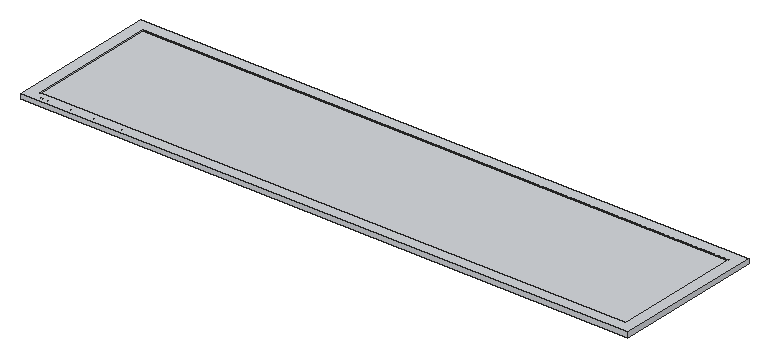
Revit family "0042225", category Lighting Fixtures, host Face, Revit 2017
Family settings
  Host = Face
  Round Connector Dimension = Use Diameter
  Part Type = Normal
  OmniClass Number = 23.80.70.00
  OmniClass Title = Lighting
  Cut with Voids When Loaded = No
  Light Source = Yes
  Shared = No
  Room Calculation Point = No
Parameters (values of type "0042225 ST PANEL UGR19 1200X300 DALI 3600LM 830")
  Weight = "kg"
  Wattage Comments = ""
  Wattage = 36 W
  WarrantyStartDate [instance] = "n/a"
  WarrantyGuarantorParts = "n/a"
  WarrantyDurationUnit = "n/a"
  WarrantyDurationParts = "n/a"
  WarrantyDescription = "n/a"
  WIDTH_SYL = 147.5 mm
  built-in parameter 1150110 = 1 (stored number, unit not read)
  Voltage = 0 V
  URL = "http://www.sylvania-lighting.com"
  TypeName = "START Panel UGR19 1200x300 DALI 3600Lm 830"
  Type Image = <None>
  Type Comments = "n/a"
  built-in parameter 1114217 = 1 (stored number, unit not read)
  Tilt Angle = -90.00°
  built-in parameter 1150109 = 1 (stored number, unit not read)
  built-in parameter 1150134 = (empty or 0)
  TOP__WIDTH_SYL = 545 mm
  TOP_WIDTH_SYL = 265 mm
  TOP_DEPTH_SYL = 95 mm
  built-in parameter 1150113 = 1 (stored number, unit not read)
  SerialNumber [instance] = "n/a"
  Photometric Web File = "0042225.ies"
  Material_3_SYL = none
  PowerFactor = 0.9
  PowerConsumption = "36 W"
  NominalLength = 1195 mm
  NominalHeight = 35 mm
  NominalDepth = 295 mm
  Name = "START Panel UGR19 1200x300 DALI 3600Lm 830"
  ModelReference = Name  # "START Panel UGR19 1200x300 DALI 3600Lm 830"
  ModelNumber = "0042225"
  Model = Name  # "START Panel UGR19 1200x300 DALI 3600Lm 830"
  Material = "aluminium,steel housing, other diffuser"
  ManufacturerName = "Feilo Sylvania"
  Manufacturer = "Feilo Sylvania"
  MAINHEIGHT_SYL = 63 mm
  LuminousEfficacy = "100 lm/W"
  built-in parameter 1150105 = 286.48 (stored number, unit not read)
  Lumens = 3600 lm
  LuminaireType = ""
  built-in parameter 1150115 = 1 (stored number, unit not read)
  LightOutputRatio = "n/a"
  built-in parameter 1150137 = (empty or 0)
  built-in parameter 1150139 = (empty or 0)
  LampsType = Lamp  # "LED"
  LampNominalLuminous = "3600 lm"
  LampMacAdamStep = "3"
  LampColourTemperature = "3000 K"
  LampColourRenderingIndex = "80"
  built-in parameter 1150112 = 1 (stored number, unit not read)
  built-in parameter 1150114 = 1 (stored number, unit not read)
  Lamp = "LED"
  LUMWIDTH_SYL = 576.5 mm
  LUMDEPTH_SYL = 126.5 mm
  Keynote = "16500"
  InstallationDate [instance] = "n/a"
  InputVoltage = "n/a"
  InputNominalFrequency = "n/a"
  built-in parameter 1150132 = (empty or 0)
  built-in parameter 1150102 = (empty or 0)
  built-in parameter 1150107 = 3000 (stored number, unit not read)
  built-in parameter 1150138 = (empty or 0)
  IngressProtection = "IP40/20"
  ImpactProtectionIndex = "IK03"
  built-in parameter 1150106 = 2.8648 (stored number, unit not read)
  IfcExportType = "IfcLightFixtureType"
  IfcExportAs = "IfcLightFixtureType"
  HEIGHT_SYL = 33 mm
  HEIGHTBOTT_SYL = 7 mm
  Emit from Circle Diameter = 609.6 mm
  Emit Shape Visible in Rendering = no
  ElectricShockClassification = "Class II"
  built-in parameter 1150104 = 9.2903 (stored number, unit not read)
  DocumentationLiterature = "http://www.sylvania-lighting.com/product/en-int/products/0042225"
  DimmingControlOptions = "n/a"
  Material_2_SYL = none
  Dimming Lamp Color Temperature Shift = <None>
  Description = ""
  Default Elevation = 1219.2 mm
  DEPTH_SYL = 597.5 mm
  CreatedOn = "9/8/2020"
  CreatedBy = "@sylvania-lighting.com"
  Cost = 0
  Color Filter = 16777215
  built-in parameter 1114216 [instance] = (empty or 0)
  ClassificationValue = "EF_70_80"
  ClassificationName = "Uniclass2015"
  Material_1_SYL = none
  BarCode [instance] = "n/a"
  built-in parameter 1114218 = 1 (stored number, unit not read)
  BOX_WIDTH_SYL = 40 mm
  built-in parameter 1150133 = 10 (stored number, unit not read)
  AssetType = "Fixed"
  AssetIdentifier [instance] = "n/a"
  Assembly Code = "D5020200"
  Apparent Load = 36 VA
  Material_4_SYL = none
  -LUMDEPTH_SYL = LUMDEPTH_SYL * (-1)  # -126.5 mm
  -BOX_WIDTH_SYL = BOX_WIDTH_SYL * (-1)  # -40 mm
Types (9, lengths in mm): name | Wattage | TypeName | built-in parameter 1150134 | Photometric Web File | PowerConsumption | NominalHeight | Name | ModelReference | ModelNumber | Model | LuminousEfficacy | built-in parameter 1150105 | Lumens | LampNominalLuminous | LampMacAdamStep | LampColourTemperature | built-in parameter 1150107 | built-in parameter 1150106 | built-in parameter 1150104 | DocumentationLiterature | Apparent Load
  0042254 ST PANEL 1200X300HE DALI 4100LM 865 | 34 W | "START Panel 1200x300HE DALI 4100Lm 865" | 1 | "0042254.ies" | "34 W" | 34 | "START Panel 1200x300HE DALI 4100Lm 865" | "START Panel 1200x300HE DALI 4100Lm 865" | "0042254" | "START Panel 1200x300HE DALI 4100Lm 865" | "121 lm/W" | 327.38 (stored number, unit not read) | 4114 lm | "4100 lm" | "6" | "6500 K" | 6500 (stored number, unit not read) | 3.2738 (stored number, unit not read) | 11.241 (stored number, unit not read) | "http://www.sylvania-lighting.com/product/en-int/products/0042254" | 34 VA
  0042253 ST PANEL 1200X300HE DALI 4100LM 840 | 34 W | "START Panel 1200x300HE DALI 4100Lm 840" | 12 | "0042253.ies" | "34 W" | 34 | "START Panel 1200x300HE DALI 4100Lm 840" | "START Panel 1200x300HE DALI 4100Lm 840" | "0042253" | "START Panel 1200x300HE DALI 4100Lm 840" | "121 lm/W" | 327.38 (stored number, unit not read) | 4114 lm | "4100 lm" | "3" | "4000 K" | 4000 (stored number, unit not read) | 3.2738 (stored number, unit not read) | 11.241 (stored number, unit not read) | "http://www.sylvania-lighting.com/product/en-int/products/0042253" | 34 VA
  0042252 ST PANEL 1200X300HE DALI 3900LM 830 | 34 W | "START Panel 1200x300HE DALI 3900Lm 830" | (empty or 0) | "0042252.ies" | "34 W" | 34 | "START Panel 1200x300HE DALI 3900Lm 830" | "START Panel 1200x300HE DALI 3900Lm 830" | "0042252" | "START Panel 1200x300HE DALI 3900Lm 830" | "115 lm/W" | 311.15 (stored number, unit not read) | 3910 lm | "3900 lm" | "3" | "3000 K" | 3000 (stored number, unit not read) | 3.1115 (stored number, unit not read) | 10.684 (stored number, unit not read) | "http://www.sylvania-lighting.com/product/en-int/products/0042252" | 34 VA
  0042227 ST PANEL UGR19 1200X300 DALI 3800LM 865 | 36 W | "START Panel UGR19 1200x300 DALI 3800Lm 865" | 1 | "0042227.ies" | "36 W" | 35 | "START Panel UGR19 1200x300 DALI 3800Lm 865" | "START Panel UGR19 1200x300 DALI 3800Lm 865" | "0042227" | "START Panel UGR19 1200x300 DALI 3800Lm 865" | "106 lm/W" | 303.67 (stored number, unit not read) | 3816 lm | "3800 lm" | "6" | "6500 K" | 6500 (stored number, unit not read) | 3.0367 (stored number, unit not read) | 9.8477 (stored number, unit not read) | "http://www.sylvania-lighting.com/product/en-int/products/0042227" | 36 VA
  0042226 ST PANEL UGR19 1200X300 DALI 3800LM 840 | 36 W | "START Panel UGR19 1200x300 DALI 3800Lm 840" | 12 | "0042226.ies" | "36 W" | 35 | "START Panel UGR19 1200x300 DALI 3800Lm 840" | "START Panel UGR19 1200x300 DALI 3800Lm 840" | "0042226" | "START Panel UGR19 1200x300 DALI 3800Lm 840" | "106 lm/W" | 303.67 (stored number, unit not read) | 3816 lm | "3800 lm" | "3" | "4000 K" | 4000 (stored number, unit not read) | 3.0367 (stored number, unit not read) | 9.8477 (stored number, unit not read) | "http://www.sylvania-lighting.com/product/en-int/products/0042226" | 36 VA
  0042225 ST PANEL UGR19 1200X300 DALI 3600LM 830 | 36 W | "START Panel UGR19 1200x300 DALI 3600Lm 830" | (empty or 0) | "0042225.ies" | "36 W" | 35 | "START Panel UGR19 1200x300 DALI 3600Lm 830" | "START Panel UGR19 1200x300 DALI 3600Lm 830" | "0042225" | "START Panel UGR19 1200x300 DALI 3600Lm 830" | "100 lm/W" | 286.48 (stored number, unit not read) | 3600 lm | "3600 lm" | "3" | "3000 K" | 3000 (stored number, unit not read) | 2.8648 (stored number, unit not read) | 9.2903 (stored number, unit not read) | "http://www.sylvania-lighting.com/product/en-int/products/0042225" | 36 VA
  0042224 ST PANEL UGR19 1200X300 DALI 3400LM 865 | 36 W | "START Panel UGR19 1200x300 DALI 3400Lm 865" | 1 | "0042224.ies" | "36 W" | 35 | "START Panel UGR19 1200x300 DALI 3400Lm 865" | "START Panel UGR19 1200x300 DALI 3400Lm 865" | "0042224" | "START Panel UGR19 1200x300 DALI 3400Lm 865" | "94 lm/W" | 269.29 (stored number, unit not read) | 3384 lm | "3400 lm" | "6" | "6500 K" | 6500 (stored number, unit not read) | 2.6929 (stored number, unit not read) | 8.7329 (stored number, unit not read) | "http://www.sylvania-lighting.com/product/en-int/products/0042224" | 36 VA
  0042223 ST PANEL UGR19 1200X300 DALI 3400LM 840 | 36 W | "START Panel UGR19 1200x300 DALI 3400Lm 840" | 12 | "0042223.ies" | "36 W" | 35 | "START Panel UGR19 1200x300 DALI 3400Lm 840" | "START Panel UGR19 1200x300 DALI 3400Lm 840" | "0042223" | "START Panel UGR19 1200x300 DALI 3400Lm 840" | "94 lm/W" | 269.29 (stored number, unit not read) | 3384 lm | "3400 lm" | "3" | "4000 K" | 4000 (stored number, unit not read) | 2.6929 (stored number, unit not read) | 8.7329 (stored number, unit not read) | "http://www.sylvania-lighting.com/product/en-int/products/0042223" | 36 VA
  0042222 ST PANEL UGR19 1200X300 DALI 3200LM 830 | 36 W | "START Panel UGR19 1200x300 DALI 3200Lm 830" | (empty or 0) | "0042222.ies" | "36 W" | 35 | "START Panel UGR19 1200x300 DALI 3200Lm 830" | "START Panel UGR19 1200x300 DALI 3200Lm 830" | "0042222" | "START Panel UGR19 1200x300 DALI 3200Lm 830" | "89 lm/W" | 254.97 (stored number, unit not read) | 3204 lm | "3200 lm" | "3" | "3000 K" | 3000 (stored number, unit not read) | 2.5497 (stored number, unit not read) | 8.2684 (stored number, unit not read) | "http://www.sylvania-lighting.com/product/en-int/products/0042222" | 36 VA
Reference planes
  plane 1 "Center (Front/Back)": y = 0
  plane 2: z = 0
  plane 3 "Center (Left/Right)": x = 0
  plane 4: z = -33
  plane 5: z = -7
  plane 6: z = -63
  plane 7: x = 597.5
  plane 8: x = -597.5
  plane 9: y = 147.5
  plane 10: y = -147.5
  plane 11: x = 576.5
  plane 12: x = -576.5
  plane 13: y = -126.5
  plane 14: y = 126.5
  plane 15: y = -265
  plane 16: y = 265
  plane 17: x = -40
  plane 18: x = 40
  plane 19: x = 0
  plane 20: x = -545
  plane 21: x = 545
  plane 22: y = -95
  plane 23: y = 95
Forms (mm)
  Extrusion 1, solid
    sketch origin (0, 0, 0) x (1, 0, 0) y (0, 1, 0)
      loop
        line (-597.5, 147.5) -> (-597.5, -147.5) -> (597.5, -147.5) -> (597.5, 147.5) -> (-597.5, 147.5)
    from -7 to 2
  Extrusion 2, void
    sketch origin (0, 0, 0) x (1, 0, 0) y (0, 1, 0)
      loop
        line (-576.5, 126.5) -> (-576.5, -126.5) -> (576.5, -126.5) -> (576.5, 126.5) -> (-576.5, 126.5)
    from 0 to 2
  Extrusion 3, solid
    sketch origin (0, 0, 0) x (1, 0, 0) y (0, 0, 1)
      loop
        line (-40, -33) -> (-40, -63) -> (40, -63) -> (40, -33) -> (-40, -33)
    from -40 <- "-BOX_WIDTH_SYL" to 40 <- "BOX_WIDTH_SYL"
  Extrusion 4, solid
    sketch origin (0, 0, 0) x (1, 0, 0) y (0, 0, 1)
      loop
        line (-576.5, -7) -> (-545, -33) -> (545, -33) -> (576.5, -7) -> (-576.5, -7)
    from -126.5 <- "-LUMDEPTH_SYL" to 126.5 <- "LUMDEPTH_SYL"
  Extrusion 5, void
    sketch origin (319, 1524, 1219.2) x (0, 1, 0) y (0, 0, 1)
      loop
        line (-1397.5, -1226.2) -> (-1429, -1252.2) -> (-1397.5, -1252.2) -> (-1397.5, -1226.2)
      loop
        line (-1650.5, -1226.2) -> (-1650.5, -1252.2) -> (-1619, -1252.2) -> (-1650.5, -1226.2)
    from -1000 to 1000
Cuts and joins
  Extrusion 2 cuts Extrusion 1
  Extrusion 5 cuts Extrusion 4
  joined: Extrusion 1, Extrusion 3, Extrusion 4
Dimensions and locks
  "HEIGHT_SYL": host face to plane 4
  "HEIGHTBOTT_SYL": host face to plane 5
  "MAINHEIGHT_SYL": host face to plane 6
  "DEPTH_SYL": plane 8 to plane 3 "Center (Left/Right)" to plane 7
  "WIDTH_SYL": plane 10 to plane 1 "Center (Front/Back)" to plane 9
  "LUMWIDTH_SYL": plane 12 to plane 3 "Center (Left/Right)" to plane 11
  "LUMDEPTH_SYL": plane 13 to plane 1 "Center (Front/Back)" to plane 14
  "TOP_WIDTH_SYL": plane 16 to imposter light to plane 15
  "BOX_WIDTH_SYL": plane 17 to imposter light to plane 18
  "TOP__WIDTH_SYL": plane 20 to imposter light to plane 21
  "TOP_DEPTH_SYL": plane 23 to imposter light to plane 22
  aligned and locked: plane 2 to host face
  aligned and locked: level to host face
  aligned and locked: Extrusion 1 sketch curve to plane 9
  aligned and locked: plane 8 to Extrusion 1 sketch curve
  aligned and locked: Extrusion 1 sketch curve to plane 10
  aligned and locked: Extrusion 1 sketch curve to plane 7
  aligned and locked: plane 14 to Extrusion 2 sketch curve
  aligned and locked: plane 12 to Extrusion 2 sketch curve
  aligned and locked: Extrusion 2 sketch curve to plane 13
  aligned and locked: Extrusion 2 sketch curve to plane 11
  aligned and locked: plane 4 to Extrusion 3 sketch curve
  aligned and locked: Extrusion 3 sketch curve to plane 17
  aligned and locked: Extrusion 3 sketch curve to plane 6
  aligned and locked: plane 18 to Extrusion 3 sketch curve
Automatic sketch dimensions
  host sketch curve to host sketch curve = 2438.4 mm  (x2)
  Extrusion 4 sketch curve to plane 5 = 0 mm
  Extrusion 4 sketch curve to plane 12 = 0 mm
  Extrusion 4 sketch curve to plane 4 = 0 mm
  plane 20 to Extrusion 4 sketch curve = 0 mm
  plane 21 to Extrusion 4 sketch curve = 0 mm
  Extrusion 4 sketch curve to plane 11 = 0 mm
  Extrusion 5 sketch curve to plane 13 = 0 mm
  plane 4 to Extrusion 5 sketch curve = 0 mm  (x2)
  Extrusion 5 sketch curve to plane 22 = 0 mm
  Extrusion 5 sketch curve to plane 23 = 0 mm
  Extrusion 5 sketch curve to plane 14 = 0 mm
  plane 5 to Extrusion 5 sketch curve = 0 mm  (x2)
